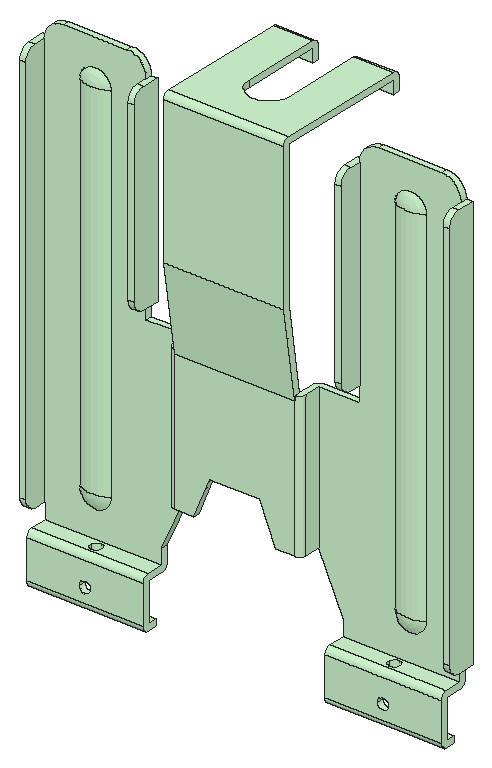
Revit family "eagle", category 機械設備, Revit 2022
Family settings
  丸型コネクタ寸法 = 直径を使用
  種別 = なし
  パーツ タイプ = 標準
  作業面ベース = いいえ
  常に垂直 = はい
  ロード時にボイドで切り取り = いいえ
  注釈の向きを維持 = いいえ
  共有 = いいえ
  部屋計算ポイント = いいえ
Parameters
  製造元 = "株式会社桐井製作所"
  既定の高さ = 0 mm
  URL = "https://www.kirii.co.jp/"
  K_材質 = "溶融亜鉛めっき鋼板及び鋼帯 SGHC 一般用"
  K_品名 = "ブレース取付金具下(イーグル)"
  K_名称 = "ブレース下部金具"
  K_入数 = "80"
  K_バージョン情報 = "20220411"
  K_めっき付着量 = "Z12"
  K_JIS規格 = "JIS G 3302"
Reference planes
  plane 1 "中心(正面/背面)": y = 0
  plane 2: z = 0
  plane 3 "中心(左/右)": x = 0
Forms (mm)
  Extrusion 1, solid
    sketch origin (4, -1.6, 0) x (1, 0, 0) y (0, 1, 0)
      loop
        line (13.1, 0) -> (49.8, 0) -> (49.8, 1.6) -> (13.1, 1.6)
        arc (13.1, 1.6) -> (11.969, 1.131) -> (11.5, 0) r 1.6
        line (11.5, 0) -> (11.5, -4.4) -> (-19.5, -4.4) -> (-19.5, 0)
        arc (-19.5, 0) -> (-19.969, 1.131) -> (-21.1, 1.6) r 1.6
        line (-21.1, 1.6) -> (-57.8, 1.6) -> (-57.8, 0) -> (-21.1, 0) -> (-21.1, -4.2)
        arc (-21.1, -4.2) -> (-20.631, -5.331) -> (-19.5, -5.8) r 1.6
        line (-19.5, -5.8) -> (11.5, -5.8)
        arc (11.5, -5.8) -> (12.631, -5.331) -> (13.1, -4.2) r 1.6
        line (13.1, -4.2) -> (13.1, 0)
    from -55 to 57
  Extrusion 2, void
    sketch origin (0, 0, 0) x (1, 0, 0) y (0, 0, 1)
      loop
        line (-23.4, -55) -> (23.4, -55) -> (17.1, -40.574) -> (10.5, -40.6) -> (6.5, -30.6) -> (-6.5, -30.6) -> (-10.5, -40.6) -> (-17.1, -40.574) -> (-23.4, -55)
    from 0 to 7.6
  Extrusion 3, void
    sketch origin (0, 0, 0) x (1, 0, 0) y (0, 0, 1)
      loop
        line (-48.8, 57) -> (-53.8, 57) -> (-53.8, 52)
        arc (-53.8, 52) -> (-52.336, 55.536) -> (-48.8, 57) r 5
    from 0 to 1.6
  Extrusion 4, solid
    sketch origin (-80, 0, -1.562) x (0, 1, 0) y (0, 0, 1)
      loop
        line (0, -51.838) -> (-1.6, -51.838) -> (-1.6, -57.369) -> (-6, -57.369)
        arc (-6, -57.369) -> (-7.131, -57.837) -> (-7.6, -58.969) r 1.6
        line (-7.6, -58.969) -> (-7.6, -68.969)
        arc (-7.6, -68.969) -> (-7.131, -70.1) -> (-6, -70.569) r 1.6
        line (-6, -70.569) -> (-3.5, -70.569) -> (-3.5, -68.969) -> (-6, -68.969) -> (-6, -58.969) -> (-1.6, -58.969)
        arc (-1.6, -58.969) -> (-0.469, -58.5) -> (0, -57.369) r 1.6
        line (0, -57.369) -> (0, -51.838)
    from 26.6 to 56.6
  Extrusion 5, solid
    sketch origin (0, 0, 0) x (0, 1, 0) y (0, 0, 1)
      loop
        line (-7.4, 49) -> (-7.4, -52)
        arc (-7.4, -52) -> (-6.521, -54.121) -> (-4.4, -55) r 3
        line (-4.4, -55) -> (0, -55) -> (0, 52) -> (-4.4, 52)
        arc (-4.4, 52) -> (-6.521, 51.121) -> (-7.4, 49) r 3
    from -55.4 to -53.8
  Extrusion 6, solid
    sketch origin (111.6, 0, 0) x (0, 1, 0) y (0, 0, 1)
      loop
        line (-7.4, 49) -> (-7.4, -52)
        arc (-7.4, -52) -> (-6.521, -54.121) -> (-4.4, -55) r 3
        line (-4.4, -55) -> (0, -55) -> (0, 52) -> (-4.4, 52)
        arc (-4.4, 52) -> (-6.521, 51.121) -> (-7.4, 49) r 3
    from -57.8 to -56.2
  Extrusion 7, void
    sketch origin (1.641, 0, 0) x (1, 0, 0) y (0, 1, 0)
      loop
        circle (-40.04, -3.997) r 1.5
    from -60.531 to -58.931
  Extrusion 8, void
    sketch origin (0, 0, 0) x (-1, 0, 0) y (0, 0, -1)
      loop
        arc (-48.8, -57) -> (-52.336, -55.536) -> (-53.8, -52) r 5
        line (-53.8, -52) -> (-53.8, -57) -> (-48.8, -57)
    from 0 to 1.6
  Extrusion 9, void
    sketch origin (1.609, 0, -3.45) x (1, 0, 0) y (0, 0, 1)
      loop
        circle (-40, -63.189) r 1.5
    from 6 to 7.6
  Extrusion 10, void
    sketch origin (78.438, -0.3, 0.069) x (1, 0, 0) y (0, 1, 0)
      loop
        circle (-40.04, -3.695) r 1.5
    from -60.6 to -59
  Extrusion 11, solid
    sketch origin (-3.149, 0, -1.562) x (0, 1, 0) y (0, 0, 1)
      loop
        line (0, -51.838) -> (-1.6, -51.838) -> (-1.6, -57.369) -> (-6, -57.369)
        arc (-6, -57.369) -> (-7.131, -57.837) -> (-7.6, -58.969) r 1.6
        line (-7.6, -58.969) -> (-7.6, -68.969)
        arc (-7.6, -68.969) -> (-7.131, -70.1) -> (-6, -70.569) r 1.6
        line (-6, -70.569) -> (-3.5, -70.569) -> (-3.5, -68.969) -> (-6, -68.969) -> (-6, -58.969) -> (-1.6, -58.969)
        arc (-1.6, -58.969) -> (-0.469, -58.5) -> (0, -57.369) r 1.6
        line (0, -57.369) -> (0, -51.838)
    from 26.6 to 56.6
  Extrusion 12, void
    sketch origin (0, 0, 0) x (1, 0, 0) y (0, 0, 1)
      loop
        arc (-32.5, 57) -> (-28.964, 55.536) -> (-27.5, 52) r 5
        line (-27.5, 52) -> (-27.5, -3.6) -> (27.5, -3.6) -> (27.5, 52)
        arc (27.5, 52) -> (28.964, 55.536) -> (32.5, 57) r 5
        line (32.5, 57) -> (-32.5, 57)
    from 0 to 7.6
  Extrusion 13, solid
    sketch origin (0, 0, 0) x (0, 1, 0) y (0, 0, 1)
      loop
        line (-9.4, 55.469) -> (24.4, 55.469) -> (24.4, 52.069) -> (26, 52.069) -> (26, 55.469)
        arc (26, 55.469) -> (25.531, 56.6) -> (24.4, 57.069) r 1.6
        line (24.4, 57.069) -> (-9.4, 57.069)
        arc (-9.4, 57.069) -> (-10.531, 56.6) -> (-11, 55.469) r 1.6
        line (-11, 55.469) -> (-11, 17.922) -> (-7.4, -4.823) -> (-7.4, -30.6) -> (-6, -30.6) -> (-6, -3.442) -> (-9.4, 18.039) -> (-9.4, 55.469)
    from -15.5 to 15.5
  Extrusion 14, solid
    sketch origin (27.9, 0, 0) x (0, 1, 0) y (0, 0, 1)
      loop
        line (-7.4, 49) -> (-7.4, 3.4)
        arc (-7.4, 3.4) -> (-6.521, 1.279) -> (-4.4, 0.4) r 3
        line (-4.4, 0.4) -> (0, 0.4) -> (0, 52) -> (-4.4, 52)
        arc (-4.4, 52) -> (-6.521, 51.121) -> (-7.4, 49) r 3
    from -55.4 to -53.8
  Extrusion 15, solid
    sketch origin (81.3, 0, 0) x (0, 1, 0) y (0, 0, 1)
      loop
        line (-7.4, 49) -> (-7.4, 3.4)
        arc (-7.4, 3.4) -> (-6.521, 1.279) -> (-4.4, 0.4) r 3
        line (-4.4, 0.4) -> (0, 0.4) -> (0, 52) -> (-4.4, 52)
        arc (-4.4, 52) -> (-6.521, 51.121) -> (-7.4, 49) r 3
    from -55.4 to -53.8
  Extrusion 16, void
    sketch origin (0, 0, 0) x (1, 0, 0) y (0, 1, 0)
      loop
        arc (-5.25, 3.657) -> (0, -1.593) -> (5.25, 3.657) r 5.25
        line (5.25, 3.657) -> (5.25, 26) -> (-5.25, 26) -> (-5.25, 3.657)
    from 52.069 to 57.069
  Revolve 17, solid
    sketch origin (0, 0, 46) x (1, 0, 0) y (0, 1, 0)
      loop
        line (-40.65, -1.6) -> (-40.65, -2.779)
        arc (-40.65, -2.779) -> (-38.565, -2.478) -> (-36.65, -1.6) r 7.375
        line (-36.65, -1.6) -> (-40.65, -1.6)
      axis (-40.65, -1.6) -> (-40.65, -2.779)
    angle from 0 to 360
  Extrusion 18, solid
    sketch origin (0, 0, 0) x (1, 0, 0) y (0, 1, 0)
      loop
        arc (-44.65, -1.6) -> (-40.65, -2.779) -> (-36.65, -1.6) r 7.375
        line (-36.65, -1.6) -> (-44.65, -1.6)
    from -48 to 46
  Revolve 19, solid
    sketch origin (0, 0, -48) x (1, 0, 0) y (0, 1, 0)
      loop
        line (-40.65, -1.6) -> (-40.65, -2.779)
        arc (-40.65, -2.779) -> (-38.565, -2.478) -> (-36.65, -1.6) r 7.375
        line (-36.65, -1.6) -> (-40.65, -1.6)
      axis (-40.65, -1.6) -> (-40.65, -2.779)
    angle from 0 to 360
  Revolve 20, solid
    sketch origin (81.3, 0, 46) x (1, 0, 0) y (0, 1, 0)
      loop
        line (-40.65, -1.6) -> (-40.65, -2.779)
        arc (-40.65, -2.779) -> (-38.565, -2.478) -> (-36.65, -1.6) r 7.375
        line (-36.65, -1.6) -> (-40.65, -1.6)
      axis (-40.65, -1.6) -> (-40.65, -2.779)
    angle from 0 to 360
  Extrusion 21, solid
    sketch origin (81.3, 0, 0) x (1, 0, 0) y (0, 1, 0)
      loop
        arc (-44.65, -1.6) -> (-40.65, -2.779) -> (-36.65, -1.6) r 7.375
        line (-36.65, -1.6) -> (-44.65, -1.6)
    from -48 to 46
  Revolve 22, solid
    sketch origin (81.3, 0, -48) x (1, 0, 0) y (0, 1, 0)
      loop
        line (-40.65, -1.6) -> (-40.65, -2.779)
        arc (-40.65, -2.779) -> (-38.565, -2.478) -> (-36.65, -1.6) r 7.375
        line (-36.65, -1.6) -> (-40.65, -1.6)
      axis (-40.65, -1.6) -> (-40.65, -2.779)
    angle from 0 to 360
  Revolve 23, void
    sketch origin (81.3, 1.6, -48) x (1, 0, 0) y (0, 1, 0)
      loop
        line (-40.65, -1.6) -> (-40.65, -2.779)
        arc (-40.65, -2.779) -> (-38.565, -2.478) -> (-36.65, -1.6) r 7.375
        line (-36.65, -1.6) -> (-40.65, -1.6)
      axis (-40.65, -1.6) -> (-40.65, -2.779)
    angle from 0 to 360
  Revolve 24, void
    sketch origin (81.3, 1.6, 46) x (1, 0, 0) y (0, 1, 0)
      loop
        line (-40.65, -1.6) -> (-40.65, -2.779)
        arc (-40.65, -2.779) -> (-38.565, -2.478) -> (-36.65, -1.6) r 7.375
        line (-36.65, -1.6) -> (-40.65, -1.6)
      axis (-40.65, -1.6) -> (-40.65, -2.779)
    angle from 0 to 360
  Extrusion 25, void
    sketch origin (81.3, 1.6, 0) x (1, 0, 0) y (0, 1, 0)
      loop
        arc (-44.65, -1.6) -> (-40.65, -2.779) -> (-36.65, -1.6) r 7.375
        line (-36.65, -1.6) -> (-44.65, -1.6)
    from -48 to 46
  Extrusion 26, void
    sketch origin (0, 1.6, 0) x (1, 0, 0) y (0, 1, 0)
      loop
        arc (-44.65, -1.6) -> (-40.65, -2.779) -> (-36.65, -1.6) r 7.375
        line (-36.65, -1.6) -> (-44.65, -1.6)
    from -48 to 46
  Revolve 27, void
    sketch origin (0, 1.6, -48) x (1, 0, 0) y (0, 1, 0)
      loop
        line (-40.65, -1.6) -> (-40.65, -2.779)
        arc (-40.65, -2.779) -> (-38.565, -2.478) -> (-36.65, -1.6) r 7.375
        line (-36.65, -1.6) -> (-40.65, -1.6)
      axis (-40.65, -1.6) -> (-40.65, -2.779)
    angle from 0 to 360
  Revolve 28, void
    sketch origin (0, 1.6, 46) x (1, 0, 0) y (0, 1, 0)
      loop
        line (-40.65, -1.6) -> (-40.65, -2.779)
        arc (-40.65, -2.779) -> (-38.565, -2.478) -> (-36.65, -1.6) r 7.375
        line (-36.65, -1.6) -> (-40.65, -1.6)
      axis (-40.65, -1.6) -> (-40.65, -2.779)
    angle from 0 to 360
  Extrusion 29, void
    sketch origin (78.459, 0, -3.45) x (1, 0, 0) y (0, 0, 1)
      loop
        circle (-40, -63.189) r 1.5
    from 6 to 7.6
Cuts and joins
  Extrusion 2, Extrusion 3, Extrusion 8, Extrusion 9, Extrusion 12, Revolve 23, Revolve 24, Extrusion 25, Extrusion 26, Revolve 27, Revolve 28, Extrusion 29 cuts Extrusion 1
  Extrusion 7, Extrusion 8, Extrusion 9, Extrusion 12, Extrusion 29 cuts Extrusion 4
  Extrusion 8, Extrusion 9, Extrusion 12, Extrusion 29 cuts Extrusion 5
  Extrusion 8, Extrusion 9, Extrusion 12, Extrusion 29 cuts Extrusion 6
  Extrusion 10, Extrusion 29 cuts Extrusion 11
  Extrusion 16, Extrusion 29 cuts Extrusion 13
  Extrusion 29 cuts Extrusion 14
  Extrusion 29 cuts Extrusion 15
  joined: Extrusion 1, Extrusion 4, Extrusion 5, Extrusion 6, Extrusion 11, Extrusion 13, Extrusion 14, Extrusion 15, Revolve 17, Extrusion 18, Revolve 19, Revolve 20, Extrusion 21, Revolve 22
Dimensions and locks
  aligned and locked: level to plane 2
